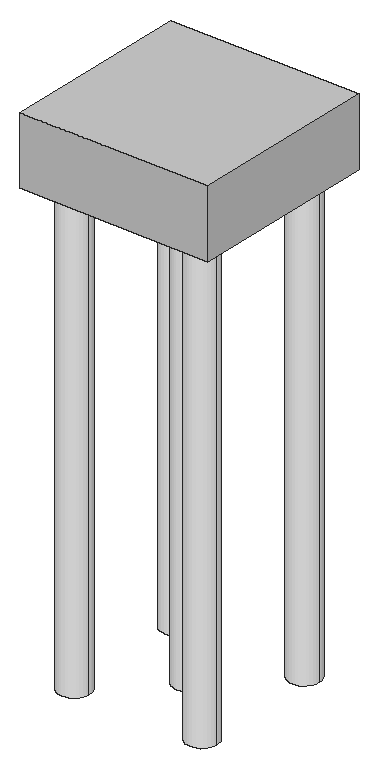
Revit family
Parameters (values of type "2500 x 2500 x 900mm")
  Width = 2500 mm
  Thickness = 900 mm
  파일 유형 = M_파일-스틸 파이프 : 400mm 지름
  Length = 2500 mm
  기초 재료 [instance] = 콘크리트 - 현장타설 콘크리트
  절단 = 150 mm
  간격 = 400 mm
  Assembly Code = "A1010130"
Reference planes
  plane 1 "중심(앞/뒤)": y = 0
  plane 2: z = 0
  plane 3 "중심(왼쪽/오른쪽)": x = 0
  plane 4: x = -1250
  plane 5: x = 1250
  plane 6: y = 1250
  plane 7: y = -1250
  plane 8: z = -900
  plane 9: x = -850
  plane 10: x = 850
  plane 11: y = 850
  plane 12: y = -850
  plane 13: z = -750
Forms (mm)
  Extrusion 1, solid, material "콘크리트 - 현장타설 콘크리트" <- "기초 재료"
    sketch origin (0, 0, 0) x (1, 0, 0) y (0, 1, 0)
      loop
        line (-1250, 1250) -> (-1250, -1250) -> (1250, -1250) -> (1250, 1250) -> (-1250, 1250)
    from -900 to 0
Dimensions and locks
  "Width": plane 4 to plane 5
  "Length": plane 6 to plane 7
  equal spacing: plane 6, plane 1 "중심(앞/뒤)", plane 7
  equal spacing: plane 4, plane 3 "중심(왼쪽/오른쪽)", plane 5
  "Thickness": plane 2 to plane 8
  "간격": plane 4 to plane 9
  "간격": plane 10 to plane 5
  "간격": plane 6 to plane 11
  "간격": plane 7 to plane 12
  "절단": plane 13 to plane 8
  aligned and locked: plane 4 to Extrusion 1 sketch curve
  aligned and locked: Extrusion 1 sketch curve to plane 5
  aligned and locked: Extrusion 1 sketch curve to plane 6
  aligned and locked: plane 7 to Extrusion 1 sketch curve
  aligned and locked: level to Extrusion 1
  aligned and locked: Extrusion 1 to plane 8
  aligned and locked: nested 5 to plane 9
  aligned and locked: plane 11 to nested 5
  aligned and locked: plane 12 to nested 1
  aligned and locked: nested 1 to plane 9
  aligned and locked: plane 3 "중심(왼쪽/오른쪽)" to nested 3
  aligned and locked: plane 1 "중심(앞/뒤)" to nested 3
  aligned and locked: plane 10 to nested 2
  aligned and locked: plane 12 to nested 2
  aligned and locked: plane 11 to nested 4
  aligned and locked: plane 10 to nested 4
  aligned and locked: plane 13 to nested 1
  aligned and locked: nested 5 to plane 13
  aligned and locked: plane 13 to nested 3
  aligned and locked: nested 2 to plane 13
  aligned and locked: plane 13 to nested 4
Nested families
  nested 1: "M_파일-스틸 파이프" at (-850, -850, -900), type <- "파일 유형", type "400mm 지름"
    with 파일 재료 금속 - 스틸 - 345 MPa
  nested 2: "M_파일-스틸 파이프" at (850, -850, -900), type <- "파일 유형", type "400mm 지름"
    with 파일 재료 금속 - 스틸 - 345 MPa
  nested 3: "M_파일-스틸 파이프" at (0, 0, -900), type <- "파일 유형", type "400mm 지름"
    with 파일 재료 금속 - 스틸 - 345 MPa
  nested 4: "M_파일-스틸 파이프" at (850, 850, -900), type <- "파일 유형", type "400mm 지름"
    with 파일 재료 금속 - 스틸 - 345 MPa
  nested 5: "M_파일-스틸 파이프" at (-850, 850, -900), type <- "파일 유형", type "400mm 지름"
    with 파일 재료 금속 - 스틸 - 345 MPa
Definition of nested family "M_파일-스틸 파이프"
  Parameters (values of type "400mm 지름")
    반지름 = Diameter / 2  # 200 mm
    최소 내포 = 150 mm
    파일 재료 [instance] = 금속 - 스틸 - 345 MPa
    Diameter = 400 mm
    Depth = 6000 mm
    Assembly Code = "A1020130"
  Reference planes
    plane 1 "중심(앞/뒤)": y = 0
    plane 2: z = 0
    plane 3 "중심(왼쪽/오른쪽)": x = 0
    plane 4: z = -6000
    plane 5: z = 150
  Forms (mm)
    Extrusion 1, solid, material "금속 - 스틸 - 345 MPa" <- "파일 재료"
      sketch origin (0, 0, 0) x (1, 0, 0) y (0, 1, 0)
        loop
          circle (0, 0) r 200
      from -6000 to 150
  Dimensions and locks
    "Depth": plane 2 to plane 4
    "최소 내포": plane 5 to plane 2
    "반지름": radius of Extrusion 1 sketch curve
    aligned and locked: Extrusion 1 to plane 4
    aligned and locked: Extrusion 1 to plane 5
  Automatic sketch dimensions
    Extrusion 1 sketch curve to plane 1 "중심(앞/뒤)" = 0 mm
    Extrusion 1 sketch curve to plane 3 "중심(왼쪽/오른쪽)" = 0 mm
